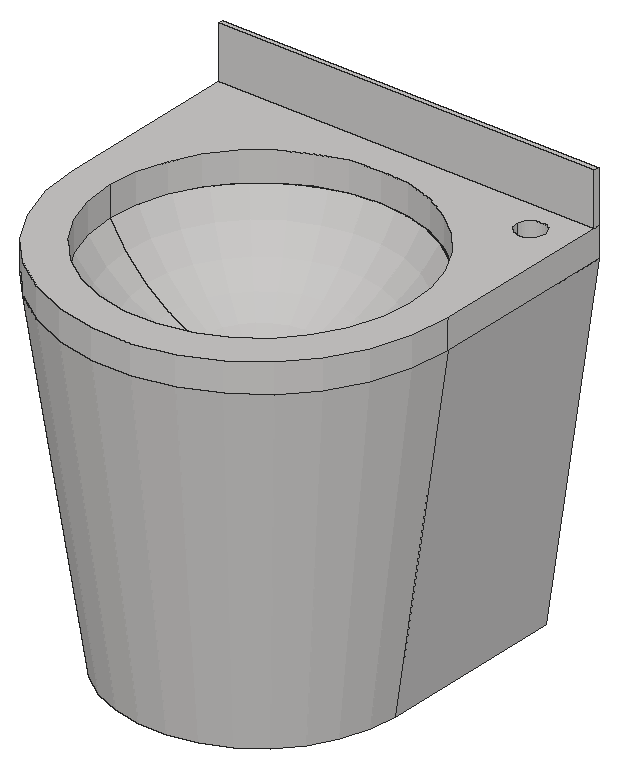
Revit family "KU2013013 Lavamanos Suspendido Stahl", category Modelos genéricos, Revit 2015
Parameters (values of type "HJ2010114")
  Material = Bronce Cromado
Reference planes
  plane 1 "Center (Front/Back)": y = 0
  plane 2: z = 0
  plane 3 "Center (Left/Right)": x = 0
Forms (mm)
  Extrusion 1, solid, material "Acero inoxidable, pulido"
    sketch origin (0, 0, 299.5) x (1, 0, 0) y (0, 1, 0)
      loop
        line (180, 180) -> (-180, 180) -> (-180, 0)
        arc (-180, 0) -> (0, -180) -> (180, 0) r 180
        line (180, 0) -> (180, 180)
    from 32.5 to 60.5
  Extrusion 2, solid, material "Acero inoxidable, pulido"
    sketch origin (0, 0, 299.5) x (1, 0, 0) y (0, 1, 0)
      loop
        line (-180, 180) -> (-180, 175) -> (180, 175) -> (180, 180) -> (-180, 180)
    from 60 to 110.5
  Extrusion 3, void
    sketch origin (0, 0, 299.5) x (1, 0, 0) y (0, 1, 0)
      loop
        circle (143.705, 144.069) r 13.5
    from 12.5 to 70
  Revolve 4, solid, material "Acero inoxidable, pulido"
    sketch origin (0, 0, 299.5) x (1, 0, 0) y (0, 0, 1)
      loop
        arc (0, -59.5) -> (87.983, -34.668) -> (150, 32.5) r 168.283
        line (150, 32.5) -> (144.368, 32.5)
        arc (144.368, 32.5) -> (84.278, -31.069) -> (0, -54.5) r 163.283
        line (0, -54.5) -> (0, -59.5)
      axis (0, -59.5) -> (0, 32.5)
    angle from 0 to 360
  Extrusion 5, void
    sketch origin (0, 0, 299.5) x (1, 0, 0) y (0, 1, 0)
      loop
        circle (0, 0) r 144.368
    from 32.5 to 90.5
  Revolve 6, solid
    sketch origin (0, 0, 299.5) x (0, 1, 0) y (0, 0, 1)
      loop
        line (0, -61.5) -> (22.987, -61.5) -> (22.987, -57.923)
        arc (22.987, -57.923) -> (11.521, -59.105) -> (0, -59.5) r 168.283
        line (0, -59.5) -> (0, -61.5)
      axis (0, -61.5) -> (0, -57.923)
    angle from 0 to 360
  Extrusion 7, void
    sketch origin (0, 0, 299.5) x (1, 0, 0) y (0, 1, 0)
      loop
        circle (0, 0) r 35
    from -54.745 to -26.475
  Extrusion 8, void
    sketch origin (0, 0, 299.5) x (1, 0, 0) y (0, 1, 0)
      loop
        circle (0, 0) r 21
    from -299.5 to -39.5
  Blend 9, solid, material "Acero inoxidable, pulido"
    base sketch origin (0, 0, 42) x (1, 0, 0) y (0, 1, 0)
      loop
        line (-130, 180) -> (-130, 0)
        arc (-130, 0) -> (0, -130) -> (130, 0) r 130
        line (130, 0) -> (130, 180) -> (-130, 180)
    top sketch origin (0, 0, 0) x (1, 0, 0) y (0, 1, 0)
      loop
        line (-180, 180) -> (-180, 0)
        arc (-180, 0) -> (0, -180) -> (180, 0) r 180
        line (180, 0) -> (180, 180) -> (-180, 180)
    from -42 to 332
  Revolve 10, void
    sketch origin (0, 0, 299.5) x (1, 0, 0) y (0, 0, 1)
      loop
        line (144.368, 32.5) -> (0, 32.5) -> (0, -54.5)
        arc (0, -54.5) -> (84.278, -31.069) -> (144.368, 32.5) r 163.283
      axis (0, -54.5) -> (0, 32.5)
    angle from 0 to 360
Cuts and joins
  Extrusion 3, Extrusion 5, Extrusion 7 cuts Extrusion 1
  Extrusion 7, Extrusion 8 cuts Revolve 4
  Extrusion 8 cuts Revolve 6
  Extrusion 5, Extrusion 7, Extrusion 8, Revolve 10 cuts Blend 9
Lines and regions (mm)
  Filled region 1, type "lavaropa.dwg-1", in view "Ref. Level"
    outline origin (0, 0, 0) x (1, 0, 0) y (0, 1, 0)
      loop
        line (-1169.765, 898.732) -> (-1163.098, 898.732) -> (-1166.432, 918.732) -> (-1169.765, 898.732)
  Filled region 2, type "lavaropa.dwg-1", in view "Ref. Level"
    outline origin (0, 0, 0) x (1, 0, 0) y (0, 1, 0)
      loop
        line (-1169.765, 238.732) -> (-1166.432, 218.732) -> (-1163.098, 238.732) -> (-1169.765, 238.732)
  Filled region 3, type "lavaropa.dwg-1", in view "Ref. Level"
    outline origin (0, 0, 0) x (1, 0, 0) y (0, 1, 0)
      loop
        line (-1073.493, 1065.208) -> (-1093.493, 1061.875) -> (-1073.493, 1058.542) -> (-1073.493, 1065.208)
  Filled region 4, type "lavaropa.dwg-1", in view "Ref. Level"
    outline origin (0, 0, 0) x (1, 0, 0) y (0, 1, 0)
      loop
        line (-413.493, 1065.208) -> (-413.493, 1058.542) -> (-393.493, 1061.875) -> (-413.493, 1065.208)
  Filled region 5, type "lavaropa.dwg-1", in view "Ref. Level"
    outline origin (0, 0, 0) x (1, 0, 0) y (0, 1, 0)
      loop
        line (-1249.488, -1078.198) -> (-1246.154, -1098.198) -> (-1242.821, -1078.198) -> (-1249.488, -1078.198)
  Filled region 6, type "lavaropa.dwg-1", in view "Ref. Level"
    outline origin (0, 0, 0) x (1, 0, 0) y (0, 1, 0)
      loop
        line (-1249.488, -268.198) -> (-1242.821, -268.198) -> (-1246.154, -248.198) -> (-1249.488, -268.198)
  Filled region 7, type "lavaropa.dwg-1", in view "Ref. Level"
    outline origin (0, 0, 0) x (1, 0, 0) y (0, 1, 0)
      loop
        line (-298.529, -293.198) -> (-295.195, -313.198) -> (-291.862, -293.198) -> (-298.529, -293.198)
  Filled region 8, type "lavaropa.dwg-1", in view "Ref. Level"
    outline origin (0, 0, 0) x (1, 0, 0) y (0, 1, 0)
      loop
        line (-298.529, -268.198) -> (-291.862, -268.198) -> (-295.195, -248.198) -> (-298.529, -268.198)
  Filled region 9, type "lavaropa.dwg-1", in view "Ref. Level"
    outline origin (0, 0, 0) x (1, 0, 0) y (0, 1, 0)
      loop
        line (-1249.488, -228.198) -> (-1246.154, -248.198) -> (-1242.821, -228.198) -> (-1249.488, -228.198)
  Filled region 10, type "lavaropa.dwg-1", in view "Ref. Level"
    outline origin (0, 0, 0) x (1, 0, 0) y (0, 1, 0)
      loop
        line (-1249.488, -168.198) -> (-1242.821, -168.198) -> (-1246.154, -148.198) -> (-1249.488, -168.198)
  Filled region 11, type "lavaropa.dwg-1", in view "Ref. Level"
    outline origin (0, 0, 0) x (1, 0, 0) y (0, 1, 0)
      loop
        line (-44.084, -1078.198) -> (-40.75, -1098.198) -> (-37.417, -1078.198) -> (-44.084, -1078.198)
  Filled region 12, type "lavaropa.dwg-1", in view "Ref. Level"
    outline origin (0, 0, 0) x (1, 0, 0) y (0, 1, 0)
      loop
        line (-44.084, -333.198) -> (-37.417, -333.198) -> (-40.75, -313.198) -> (-44.084, -333.198)
  Filled region 13, type "lavaropa.dwg-1", in view "Ref. Level"
    outline origin (0, 0, 0) x (1, 0, 0) y (0, 1, 0)
      loop
        line (-44.084, -293.198) -> (-40.75, -313.198) -> (-37.417, -293.198) -> (-44.084, -293.198)
  Filled region 14, type "lavaropa.dwg-1", in view "Ref. Level"
    outline origin (0, 0, 0) x (1, 0, 0) y (0, 1, 0)
      loop
        line (-44.084, -168.198) -> (-37.417, -168.198) -> (-40.75, -148.198) -> (-44.084, -168.198)
  Filled region 15, type "lavaropa.dwg-1", in view "Ref. Level"
    outline origin (0, 0, 0) x (1, 0, 0) y (0, 1, 0)
      loop
        line (900.166, -293.198) -> (903.5, -313.198) -> (906.833, -293.198) -> (900.166, -293.198)
  Filled region 16, type "lavaropa.dwg-1", in view "Ref. Level"
    outline origin (0, 0, 0) x (1, 0, 0) y (0, 1, 0)
      loop
        line (900.166, -268.198) -> (906.833, -268.198) -> (903.5, -248.198) -> (900.166, -268.198)
  Filled region 17, type "lavaropa.dwg-1", in view "Ref. Level"
    outline origin (0, 0, 0) x (1, 0, 0) y (0, 1, 0)
      loop
        line (70.36, -66.978) -> (50.36, -70.312) -> (70.36, -73.645) -> (70.36, -66.978)
  Filled region 18, type "lavaropa.dwg-1", in view "Ref. Level"
    outline origin (0, 0, 0) x (1, 0, 0) y (0, 1, 0)
      loop
        line (729.911, -66.978) -> (729.911, -73.645) -> (749.911, -70.312) -> (729.911, -66.978)
  symbolic lines
    curve 1: line (0, 0, 82.5) -> (0, 0, 32.5)
Dimensions and locks
  cut or joined group of Extrusion 1, Extrusion 3, Extrusion 5, Extrusion 7 to Blend 9 = 360 mm
  aligned and locked: plane 2 to level
